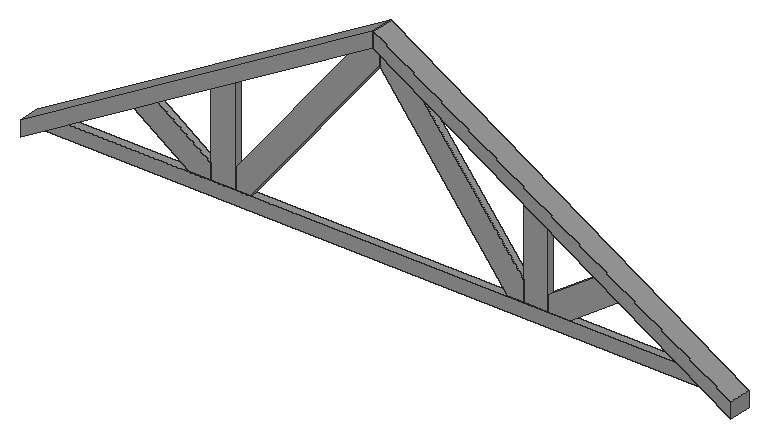
Revit family "DoubleFanTruss", category Structural Framing, Revit 2020
Family settings
  Section Shape = Not Defined
  Material for Model Behavior = Wood
  Always export as geometry = No
  OmniClass Number = 23.25.30.21.14
  OmniClass Title = Trussed Beams and Joists
  Work Plane-Based = No
  Always vertical = Yes
  Cut with Voids When Loaded = No
  Symbolic Representation = From Family
  Shared = No
  Show family pre-cut in plan views = Yes
Parameters
  WebWidth [instance] = 140 mm
  TopWidth [instance] = 500 mm
  WebDepth [instance] = 550 mm
  Structural Material [instance] = Poche
  SpanRight [instance] = 7000 mm
  SpanLeft [instance] = 7000 mm
  Span [instance] = SpanLeft + SpanRight  # 14000 mm
  SlopeRight [instance] = 30.00°
  SlopeLeft [instance] = 30.00°
  OverhangRight [instance] = 900 mm
  OverhangLeft [instance] = 1000 mm
  BottomWidth [instance] = 180 mm
  BottomDepth [instance] = 300 mm
  TopDepth [instance] = 300 mm
Reference planes
  plane 1 "Center (Front/Back)": y = 0
  plane 2: z = 0
  plane 3 "Center (Left/Right)": x = 0
  plane 4: x = 7000
  plane 5: x = 8000
  plane 6: x = -7000
  plane 7: x = -7900
  plane 8: z = 300
  plane 9: x = 3500
  plane 10: x = -3500
  plane 11: x = 3775
  plane 12: x = -3775
  plane 13: x = -3225
  plane 14: x = 3225
  plane 15: x = 5250
  plane 16: x = -5250
Forms (mm)
  Extrusion 1, solid, material "Cherry"
    sketch origin (0, 0, 0) x (1, 0, 0) y (0, 0, 1)
      loop
        line (-7900, 126.795) -> (-7900, -219.615) -> (0, 4341.452) -> (0, 4687.862) -> (-7900, 126.795)
    from -250 to 250
  Extrusion 2, solid, material "Cherry"
    sketch origin (9125, 0, 9254.6) x (1, 0, 0) y (0, 0, 1)
      loop
        line (-1125, -9531.95) -> (-1125, -9185.54) -> (-9125, -4566.738) -> (-9125, -4913.148) -> (-1125, -9531.95)
    from -250 to 250
  Extrusion 3, solid, material "Cherry"
    sketch origin (0, 0, 0) x (1, 0, 0) y (0, 0, 1)
      loop
        line (7519.615, 0) -> (7000, 300) -> (-7000, 300) -> (-7519.615, 0) -> (7519.615, 0)
    from -90 to 90
  Extrusion 4, solid, material "Cherry"
    sketch origin (0, 0, 0) x (1, 0, 0) y (0, 0, 1)
      loop
        line (-3225, 2479.497) -> (-3775, 2161.955) -> (-3775, 300) -> (-3225, 300) -> (-3225, 2479.497)
    from -70 to 70
  Extrusion 5, solid, material "Cherry"
    sketch origin (0, 0, 0) x (1, 0, 0) y (0, 0, 1)
      loop
        line (3775, 2161.955) -> (3225, 2479.497) -> (3225, 300) -> (3775, 300) -> (3775, 2161.955)
    from -70 to 70
  Extrusion 6, solid, material "Cherry"
    sketch origin (0, 0, 0) x (1, 0, 0) y (0, 0, 1)
      loop
        line (-2873.175, 300) -> (0, 3900.557) -> (0, 4341.452) -> (-652.391, 3964.794) -> (-3225, 740.894) -> (-3225, 300) -> (-2873.175, 300)
    from -70 to 70
  Extrusion 7, solid, material "Cherry"
    sketch origin (0, 0, 0) x (1, 0, 0) y (0, 0, 1)
      loop
        line (652.391, 3964.794) -> (0, 4341.452) -> (0, 3900.557) -> (2873.175, 300) -> (3225, 300) -> (3225, 740.894) -> (652.391, 3964.794)
    from -70 to 70
  Extrusion 8, solid, material "Cherry"
    sketch origin (0, 0, 0) x (1, 0, 0) y (0, 0, 1)
      loop
        line (-3775, 633.331) -> (-4985.943, 1462.817) -> (-5514.057, 1157.909) -> (-4261.62, 300) -> (-3775, 300) -> (-3775, 633.331)
    from -70 to 70
  Extrusion 9, solid, material "Cherry"
    sketch origin (0, 0, 0) x (1, 0, 0) y (0, 0, 1)
      loop
        line (4261.62, 300) -> (5514.057, 1157.909) -> (4985.943, 1462.817) -> (3775, 633.331) -> (3775, 300) -> (4261.62, 300)
    from -70 to 70
Lines and regions (mm)
  reference lines
    curve 1: line (0, 250, 1795.888) -> (0, 250, -804.112)
    curve 2: line (0, -250, 1795.888) -> (0, -250, -804.112)
    curve 3: line (0, -70, 1795.888) -> (0, -70, -804.112)
    curve 4: line (0, -90, 1795.888) -> (0, -90, -804.112)
    curve 5: line (0, 70, 1795.888) -> (0, 70, -804.112)
    curve 6: line (0, 90, 1795.888) -> (0, 90, -804.112)
    curve 7: line (-7000, 0, 300) -> (1573.651, 0, 5250)
    curve 8: line (7000, 0, 300) -> (-534.421, 0, 4650)
    curve 9: line (-7128.558, 0, 572.187) -> (196.187, 0, 4801.131)
    curve 10: line (7128.558, 0, 572.187) -> (28.017, 0, 4671.686)
    curve 11: line (0, 0, 4341.452) -> (3225, 0, 300)
    curve 12: line (-3225, 0, 300) -> (0, 0, 4341.452)
    curve 13: line (-3366.421, 0, 563.67) -> (-141.421, 0, 4605.122)
    curve 14: line (-2986.026, 0, 158.579) -> (141.421, 0, 4077.782)
    curve 15: line (141.421, 0, 4605.122) -> (3366.421, 0, 563.67)
    curve 16: line (-141.421, 0, 4077.782) -> (2986.026, 0, 158.579)
    curve 17: line (3775, 0, 300) -> (5250, 0, 1310.363)
    curve 18: line (-3775, 0, 300) -> (-5250, 0, 1310.363)
    curve 19: line (3661.975, 0, 555.91) -> (5136.975, 0, 1566.273)
    curve 20: line (3888.025, 0, 44.09) -> (5363.025, 0, 1054.453)
    curve 21: line (-3661.975, 0, 555.91) -> (-5136.975, 0, 1566.273)
    curve 22: line (-3888.025, 0, 44.09) -> (-5363.025, 0, 1054.453)
Dimensions and locks
  "OverhangLeft": plane 4 to plane 5
  "OverhangRight": plane 6 to plane 7
  "SpanRight": plane 3 "Center (Left/Right)" to plane 6
  "SpanLeft": plane 3 "Center (Left/Right)" to plane 4
  equal spacing: curve 1, plane 1 "Center (Front/Back)", curve 2
  "TopWidth": curve 1 to curve 2
  equal spacing: curve 5, plane 1 "Center (Front/Back)", curve 3
  equal spacing: curve 6, plane 1 "Center (Front/Back)", curve 4
  "WebWidth": curve 5 to curve 3
  "BottomWidth": curve 6 to curve 4
  equal spacing: plane 4, plane 9, plane 3 "Center (Left/Right)"
  equal spacing: plane 3 "Center (Left/Right)", plane 10, plane 6
  "BottomDepth": plane 2 to plane 8
  "TopDepth": curve 9 to curve 7
  "TopDepth": curve 8 to curve 10
  equal spacing: plane 13, plane 10, plane 12
  equal spacing: plane 14, plane 9, plane 11
  "WebDepth": plane 13 to plane 12
  "WebDepth": plane 14 to plane 11
  equal spacing: plane 4, plane 15, plane 9
  equal spacing: plane 10, plane 16, plane 6
  equal spacing: curve 14, curve 12, curve 13
  "WebDepth": curve 14 to curve 13
  equal spacing: curve 16, curve 11, curve 15
  "WebDepth": curve 16 to curve 15
  equal spacing: curve 20, curve 17, curve 19
  "WebDepth": curve 20 to curve 19
  equal spacing: curve 21, curve 18, curve 22
  "WebDepth": curve 21 to curve 22
  "SlopeRight": angle curve 7 to plane 8
  "SlopeLeft": angle plane 8 to curve 8
  aligned and locked: plane 2 to level
  aligned and locked: plane 6 to curve 7
  aligned and locked: plane 8 to curve 7
  aligned and locked: plane 8 to curve 8
  aligned and locked: plane 4 to curve 8
  aligned and locked: Extrusion 1 sketch curve to curve 9
  aligned and locked: plane 3 "Center (Left/Right)" to Extrusion 1 sketch curve
  aligned and locked: Extrusion 1 sketch curve to curve 7
  aligned and locked: Extrusion 1 sketch curve to plane 7
  aligned and locked: Extrusion 2 sketch curve to curve 8
  aligned and locked: Extrusion 2 sketch curve to curve 10
  aligned and locked: plane 5 to Extrusion 2 sketch curve
  aligned and locked: plane 3 "Center (Left/Right)" to Extrusion 2 sketch curve
  aligned and locked: Extrusion 1 to curve 1
  aligned and locked: Extrusion 1 to curve 2
  aligned and locked: plane 2 to Extrusion 3 sketch curve
  aligned and locked: plane 8 to Extrusion 3 sketch curve
  aligned and locked: Extrusion 1 to Extrusion 3 sketch curve
  aligned and locked: Extrusion 2 to Extrusion 3 sketch curve
  aligned and locked: curve 6 to Extrusion 3
  aligned and locked: Extrusion 3 to curve 4
  aligned and locked: plane 13 to Extrusion 4 sketch curve
  aligned and locked: Extrusion 1 to Extrusion 4 sketch curve
  aligned and locked: Extrusion 4 sketch curve to plane 12
  aligned and locked: Extrusion 3 to Extrusion 4 sketch curve
  aligned and locked: Extrusion 5 sketch curve to plane 11
  aligned and locked: plane 14 to Extrusion 5 sketch curve
  aligned and locked: Extrusion 2 to Extrusion 5 sketch curve
  aligned and locked: Extrusion 3 to Extrusion 5 sketch curve
  aligned and locked: Extrusion 5 to curve 5
  aligned and locked: Extrusion 5 to curve 3
  aligned and locked: Extrusion 4 to curve 5
  aligned and locked: Extrusion 4 to curve 3
  aligned and locked: curve 14 to Extrusion 6 sketch curve
  aligned and locked: curve 13 to Extrusion 6 sketch curve
  aligned and locked: Extrusion 1 to Extrusion 6 sketch curve
  aligned and locked: Extrusion 6 sketch curve to plane 3 "Center (Left/Right)"
  aligned and locked: Extrusion 3 to Extrusion 6 sketch curve
  aligned and locked: plane 13 to Extrusion 6 sketch curve
  aligned and locked: curve 15 to Extrusion 7 sketch curve
  aligned and locked: curve 16 to Extrusion 7 sketch curve
  aligned and locked: Extrusion 5 to Extrusion 7 sketch curve
  aligned and locked: Extrusion 3 to Extrusion 7 sketch curve
  aligned and locked: Extrusion 7 sketch curve to plane 3 "Center (Left/Right)"
  aligned and locked: Extrusion 7 sketch curve to Extrusion 2
  aligned and locked: curve 21 to Extrusion 8 sketch curve
  aligned and locked: curve 22 to Extrusion 8 sketch curve
  aligned and locked: Extrusion 1 to Extrusion 8 sketch curve
  aligned and locked: Extrusion 4 to Extrusion 8 sketch curve
  aligned and locked: Extrusion 3 to Extrusion 8 sketch curve
  aligned and locked: curve 20 to Extrusion 9 sketch curve
  aligned and locked: curve 19 to Extrusion 9 sketch curve
  aligned and locked: Extrusion 2 to Extrusion 9 sketch curve
  aligned and locked: Extrusion 3 to Extrusion 9 sketch curve
  aligned and locked: Extrusion 9 sketch curve to Extrusion 5
  aligned and locked: Extrusion 6 to curve 5
  aligned and locked: Extrusion 6 to curve 3
  aligned and locked: Extrusion 7 to curve 5
  aligned and locked: Extrusion 7 to curve 3
  aligned and locked: curve 5 to Extrusion 8
  aligned and locked: Extrusion 8 to curve 3
  aligned and locked: curve 5 to Extrusion 9
  aligned and locked: Extrusion 9 to curve 3
  aligned and locked: Extrusion 2 to curve 1
  aligned and locked: Extrusion 2 to curve 2
Automatic sketch dimensions
  level to curve 6 = 804.112 mm
  curve 1 to curve 6 = 0 mm
  curve 4 to curve 1 = 0 mm
  curve 4 to curve 2 = 0 mm  (x2)
  curve 4 to curve 3 = 0 mm  (x2)
  curve 5 to curve 6 = 0 mm  (x2)
  curve 2 to plane 8 = 1495.888 mm
  curve 2 to curve 5 = 0 mm
  curve 1 to curve 5 = 0 mm
  plane 16 to curve 18 = 0 mm
  curve 18 to plane 8 = 0 mm
  curve 18 to plane 12 = 0 mm
  curve 12 to plane 8 = 0 mm
  plane 13 to curve 12 = 0 mm
  curve 12 to plane 3 "Center (Left/Right)" = 0 mm
  curve 11 to plane 8 = 0 mm
  plane 14 to curve 11 = 0 mm
  curve 17 to plane 8 = 0 mm
  curve 17 to plane 11 = 0 mm
  curve 17 to plane 15 = 0 mm
  curve 9 to plane 6 = 128.558 mm
  plane 16 to curve 22 = 113.025 mm
  curve 21 to plane 16 = 113.025 mm
  level to curve 22 = 44.09 mm
  plane 12 to curve 21 = 113.025 mm
  plane 10 to curve 13 = 133.579 mm
  plane 8 to curve 14 = 141.421 mm
  curve 16 to plane 3 "Center (Left/Right)" = 141.421 mm
  curve 13 to plane 3 "Center (Left/Right)" = 141.421 mm
  plane 3 "Center (Left/Right)" to curve 10 = 28.017 mm
  curve 10 to curve 15 = 113.404 mm
  plane 3 "Center (Left/Right)" to curve 14 = 141.421 mm
  plane 3 "Center (Left/Right)" to curve 9 = 196.187 mm
  plane 8 to curve 16 = 141.421 mm
  curve 15 to plane 9 = 133.579 mm
  curve 19 to plane 11 = 113.025 mm
  level to curve 20 = 44.09 mm
  curve 19 to plane 15 = 113.025 mm
  plane 15 to curve 20 = 113.025 mm
  curve 10 to plane 4 = 128.558 mm
